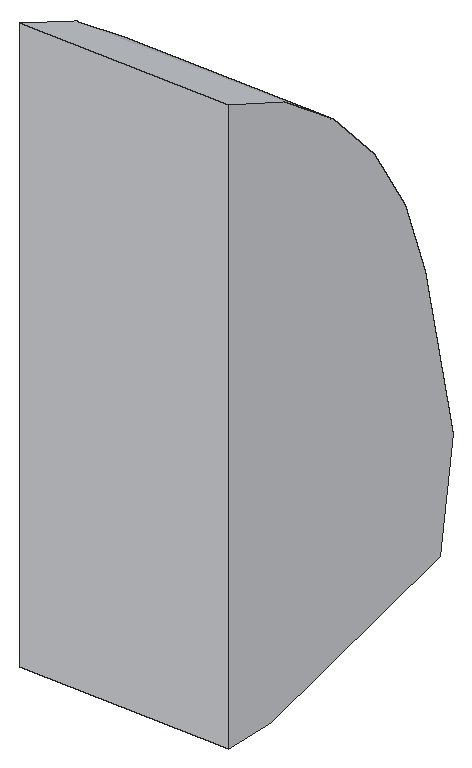
Revit family "DAN DRYER Stainless Design Mini Design 282", category Furniture Systems, host Wall, Revit 2017
Family settings
  Host = Wall
  Round Connector Dimension = Use Diameter
  Part Type = Normal
  Always vertical = Yes
  Cut with Voids When Loaded = No
  Shared = No
  Room Calculation Point = No
Parameters (values of type "Stål")
  Wicth = 120 mm
  URL = "http://www.dandryer.com/Files/Billeder/PDF/Datablade/Nye/GB_282-Medic%20dispenser_data%20sheet.pdf"
  Type Image = <None>
  Type Comments = "Touch-free; runs on 4 pcs. 1.5 V Alkaline batteries type C"
  Offset from Floor = 1500 mm
  Model = "Stainless design"
  Manufacturer = "http://www.dandryer.com/"
  Height = 339 mm
  Description = "STAINLESS DESIGN touch-free dispenser for liquid soap or sanitizer, item no. 282-MEDIC"
  Cost = 0
Reference planes
  plane 1 "Wall": y = 0
  plane 2 "Center (Left/Right)": x = 125
  plane 3 "Back": y = 75
  plane 4 "Top": z = 1500
  plane 5 "Bund": z = 1161
  plane 6: x = 185
  plane 7: x = 65
Forms (mm)
  Extrusion 1, solid
    sketch origin (125, 0, 0) x (0, 1, 0) y (0, 0, 1)
      loop
        line (75, 1161) -> (105, 1161) -> (225.741, 1193.352) -> (235.127, 1252.614)
        arc (235.127, 1252.614) -> (227.544, 1299.386) -> (215.127, 1345.114) r 454
        arc (215.127, 1345.114) -> (164.741, 1437.327) -> (75, 1491.993) r 203
        line (75, 1491.993) -> (75, 1161)
    from -60 to 60
  Extrusion 2, void
    sketch origin (125, 105, 1161) x (0, -0.965926, -0.258819) y (1, 0, 0)
      loop
        line (-16.91, 45.054) -> (-16.91, 25.054) -> (-11.91, 25.054) -> (-11.91, 45.054) -> (-16.91, 45.054)
      loop
        line (-16.91, 18.929) -> (-16.91, 12.147) -> (-11.91, 12.147) -> (-11.91, 18.929) -> (-16.91, 18.929)
    from 0 to 5
Cuts and joins
  Extrusion 2 cuts Extrusion 1
Text (mm)
  text "Placement Side" at (-1848.837, 1116.779, 0), in view "Ref. Level"
  text "Placement side" at (0, 1409.804, 2854.306), in view "Left"
  text "Placement side" at (0, 499.811, 2980.732), in view "Right"
Dimensions and locks
  locked: plane 3 "Back" to host wall
  "Height": plane 5 "Bund" to plane 4 "Top"
  equal spacing: plane 7, plane 2 "Center (Left/Right)", plane 6
  "Wicth": plane 7 to plane 6
  "Offset from Floor": level to plane 4 "Top"
  aligned and locked: plane 1 "Wall" to host wall
  aligned and locked: Extrusion 1 sketch curve to host wall
  aligned and locked: plane 7 to Extrusion 1
  aligned and locked: Extrusion 1 to plane 6
Automatic sketch dimensions
  Extrusion 1 sketch curve to plane 5 "Bund" = 0 mm
  Extrusion 1 sketch curve to host wall = 17.862 mm
  plane 5 "Bund" to Extrusion 1 sketch curve = 42.441 mm
  host wall to Extrusion 1 sketch curve = 141.202 mm
  Extrusion 1 sketch curve to Extrusion 1 sketch curve = 30 mm
  plane 5 "Bund" to Extrusion 1 sketch curve = 32.352 mm
  Extrusion 1 sketch curve to Extrusion 1 sketch curve = 120.741 mm
  Extrusion 1 sketch curve to Extrusion 1 sketch curve = 9.386 mm
  Extrusion 1 sketch curve to Extrusion 1 sketch curve = 59.261 mm
  plane 5 "Bund" to Extrusion 1 sketch curve = 136.2 mm
  Extrusion 1 sketch curve to Extrusion 1 sketch curve = 20 mm
  Extrusion 1 to Extrusion 2 sketch curve = 16.91 mm
  Extrusion 2 sketch curve to Extrusion 2 sketch curve = 0 mm
  Extrusion 2 sketch curve to Extrusion 2 sketch curve = 5 mm  (x2)
  Extrusion 2 sketch curve to Extrusion 1 = 47.853 mm
  Extrusion 2 sketch curve to Extrusion 2 sketch curve = 6.783 mm
  Extrusion 2 sketch curve to Extrusion 2 sketch curve = 6.125 mm
  Extrusion 2 sketch curve to Extrusion 1 = 14.946 mm
